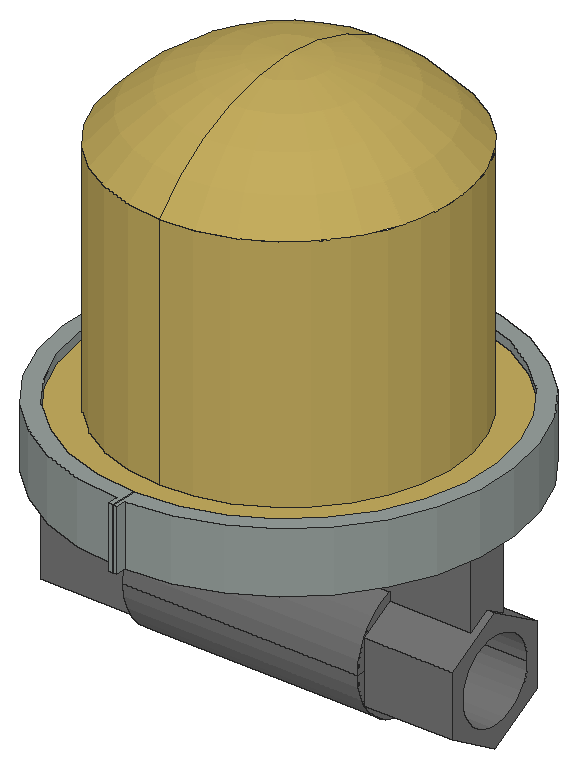
Revit family "QP85020000", category Apparecchi idraulici, Revit 2020
Family settings
  Quota connettore circolare = Usa diametro
  Tipo di parte = Normale
  Numero OmniClass = 23.45.00.00
  Titolo OmniClass = Sanitary, Laundry, and Cleaning Equipment
  Basato su piano di lavoro = No
  Sempre verticale = Sì
  Taglio con vuoti quando caricato = No
  Condiviso = No
  Punto di calcolo locali = No
Parameters
  URL = "https://web.cimberio.it/index.php/figura/705?subcategoria_id="
  Temperatura di esercizio = ""
  Prospetto di default = 0 mm
  Produttore = "CIMBERIO SPA"
  Pressione nominale = ""
  Modello = "Cim 852"
  Materiale = "Prodotto in lega d'alluminio anodizzato 348.0 e A356-T6."
  Descrizione = "Utilizzato nell’impiantistica distributiva di gas a bassa pressione per le categorie:\r\nGas naturali: gas derivati dal petrolio (Metano) e gas di ricambio.\r\nGas di città: prodotti secondo i diversi procedimenti (Cracking - Cokerie - ecc.).\r\nGas liquidi: propano e miscele di gas propano/butano."
  DN Model [instance] = QP85021020 : QP85021020
  DN [instance] = 20 mm
  Commenti sul tipo = "Realizzato in ottemperanza ai requisiti gestionali della norma EN ISO 9001.\r\nCollaudato al 100% secondo la normativa EN 12266-1"
Reference planes
  plane 1 "Centro (Fronte/Retro)": y = 0
  plane 2: z = 0
  plane 3 "Centro (Sinistra/Destra)": x = 0
Dimensions and locks
  aligned and locked: level to plane 2
Nested families
  nested 1: "QP85021020" at (0, 0, 0), type <- "DN Model", type "QP85021020"
  nested 2: "QP85021020" at (0, 0, 0), type <- "DN Model", type "QP85021020"
  nested 3: "QP85021020" at (0, 0, 0), type <- "DN Model", type "QP85021020"
  nested 4: "QP85021020" at (0, 0, 0), type <- "DN Model", type "QP85021020"
  nested 5: "QP85021020" at (0, 0, 0), type <- "DN Model", type "QP85021020"
  nested 6: "QP85021020" at (0, 0, 0), type <- "DN Model", type "QP85021020"
  nested 7: "QP85021020" at (0, 0, 0), type <- "DN Model", type "QP85021020"
  nested 8: "QP85021020" at (0, 0, 0), type <- "DN Model", type "QP85021020"
Connectors
  piping at (51, 0, 0), diameter 20, driven by "DN"
    settings: on nested 1, index 1, connector inside diameter 609.6 mm, connector length 0 mm, flow factor 0, pipe flow 0.0 L/s, pressure drop 0.0 Pa, fitting loss kfactor 0, connector angle 0.00°, fixture units 0, engagement length 0 mm, angle of deflection 0.00°, flow configuration 0, flow direction 0, fitting loss method 0, system type 7, joint type 0, gender type 0, connector reference index -1, connector utility 0, adjustable connector no, is connector primary yes, connector description ""
  piping at (-51, 0, 0), diameter 20, driven by "DN"
    settings: on nested 1, index 2, connector inside diameter 609.6 mm, connector length 0 mm, flow factor 0, pipe flow 0.0 L/s, pressure drop 0.0 Pa, fitting loss kfactor 0, connector angle 0.00°, fixture units 0, engagement length 0 mm, angle of deflection 0.00°, flow configuration 0, flow direction 0, fitting loss method 0, system type 7, joint type 0, gender type 0, connector reference index -1, connector utility 0, adjustable connector no, is connector primary no, connector description ""
Definition of nested family "QP85021020"
  Parameters (values of type "QP85021020")
    URL = ""
    Temperatura di esercizio = ""
    Default Elevation = 0 mm
    Manufacturer = ""
    Pressione nominale = ""
    Model = ""
    Materiale = ""
    Description = ""
    Type Comments = ""
  Reference planes
    plane 1 "Centro (Fronte/Retro)": y = 0
    plane 2: z = 0
    plane 3 "Centro (Sinistra/Destra)": x = 0
    plane 4: z = 121
  Forms (mm)
    Revolve 1, solid
      sketch origin (0, 0, 0) x (1, 0, 0) y (0, 1, 0)
        loop
          line (-29, 15) -> (-29, 10) -> (29, 10) -> (29, 15) -> (-29, 15)
        axis (-29, 0) -> (29, 0)
      angle from 0 to 360
    Extrusion 2, solid
      sketch origin (0, 0, 0) x (0, 1, 0) y (0, 0, 1)
        loop
          circle (0, 0) r 10
        loop
          line (0, 15) -> (-12.99, 7.5) -> (-12.99, -7.5) -> (0, -15) -> (12.99, -7.5) -> (12.99, 7.5) -> (0, 15)
      from -51 to -29
    Extrusion 3, solid
      sketch origin (0, 0, 0) x (0, 1, 0) y (0, 0, -1)
        loop
          circle (0, 0) r 10
        loop
          line (0, -15) -> (12.99, -7.5) -> (12.99, 7.5) -> (0, 15) -> (-12.99, 7.5) -> (-12.99, -7.5) -> (0, -15)
      from -51 to -29
    Extrusion 4, solid
      sketch origin (0, 0, 0) x (1, 0, 0) y (0, 1, 0)
        loop
          arc (-1.018, 51.99) -> (-52, 0) -> (-1.018, -51.99) r 52
          line (-1.018, -51.99) -> (-1.018, -54.463) -> (0, -54.463) -> (0, -48)
          arc (0, -48) -> (-48, 0) -> (0, 48) r 48
          line (0, 48) -> (0, 54.476) -> (-1.018, 54.476) -> (-1.018, 51.99)
      from 30 to 45
    Extrusion 5, solid
      sketch origin (0, 0, 0) x (1, 0, 0) y (0, 1, 0)
        loop
          line (-49, 4.99) -> (-49, -4.99) -> (49, -4.99) -> (49, 4.99) -> (-49, 4.99)
      from 8.208 to 30
    Extrusion 6, solid
      sketch origin (0, 0, 0) x (-1, 0, 0) y (0, -1, 0)
        loop
          line (-1.018, -51.99) -> (-1.018, -54.476) -> (0, -54.476) -> (0, -48)
          arc (0, -48) -> (-48, 0) -> (0, 48) r 48
          line (0, 48) -> (0, 54.463) -> (-1.018, 54.463) -> (-1.018, 51.99)
          arc (-1.018, 51.99) -> (-52, 0) -> (-1.018, -51.99) r 52
      from 30 to 45
    Extrusion 7, solid
      sketch origin (0, 0, 0) x (1, 0, 0) y (0, 1, 0)
        loop
          circle (0, 0) r 48
      from 32 to 43
    Revolve 8, solid
      sketch origin (0, 0, 0) x (0, 1, 0) y (0, 0, 1)
        loop
          line (0, 43) -> (40, 43) -> (40, 101.885)
          arc (40, 101.885) -> (22.166, 115.976) -> (0, 121) r 51.409
          line (0, 121) -> (0, 43)
        axis (0, 121) -> (0, 43)
      angle from 0 to 360
  Cuts and joins
    joined: Revolve 1, Extrusion 2, Extrusion 3, Extrusion 5
  Dimensions and locks
    aligned and locked: level to plane 2
